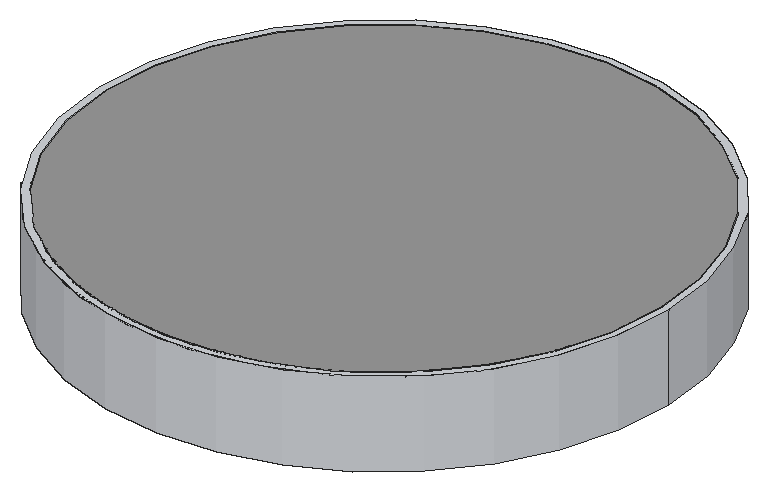
Revit family "2071139", category Lighting Fixtures, host Face, Revit 2018
Family settings
  Host = Face
  Round Connector Dimension = Use Diameter
  Part Type = Normal
  OmniClass Number = 23.80.70.00
  OmniClass Title = Lighting
  Cut with Voids When Loaded = No
  Light Source = Yes
  Shared = No
  Room Calculation Point = No
Parameters (values of type "2071139 COLOSSAL 400 830 PR DIR+H WHT DALI EM")
  iner diameter = 390 mm
  Weight = "n/a"
  Wattage Comments = ""
  Wattage = 30 W
  WarrantyStartDate [instance] = "n/a"
  WarrantyGuarantorParts = "n/a"
  WarrantyDurationUnit = "n/a"
  WarrantyDurationParts = ""
  WarrantyDescription = "http://www.sylvania-lighting.com"
  built-in parameter 1150110 = 1 (stored number, unit not read)
  Voltage = 230 V
  URL = "0.95"
  TypeName = "COLOSSAL 400mm 830 PRISM DIR+HAL WHITE DALI EM"
  Type Image = <None>
  Type Comments = "n/a"
  built-in parameter 1114217 = 1 (stored number, unit not read)
  Tilt Angle = -90.00°
  built-in parameter 1150109 = 1 (stored number, unit not read)
  built-in parameter 1150134 = (empty or 0)
  built-in parameter 1150113 = 1 (stored number, unit not read)
  SerialNumber [instance] = "n/a"
  Photometric Web File = "2071139.ies"
  Material_3_SYL = LED-Sylvania
  PowerFactor = 0
  PowerConsumption = "Lighting"
  NominalLength = 400 mm
  NominalHeight = 93 mm
  NominalDepth = 400 mm
  Name = "COLOSSAL 400mm 830 PRISM DIR+HAL WHITE DALI EM"
  ModelReference = Name  # "COLOSSAL 400mm 830 PRISM DIR+HAL WHITE DALI EM"
  ModelNumber = "2071139"
  Model = Name  # "COLOSSAL 400mm 830 PRISM DIR+HAL WHITE DALI EM"
  Material = "Feilo Sylvania"
  ManufacturerName = "120 lm/W"
  Manufacturer = ""
  LuminousEfficacy = ""
  built-in parameter 1150105 = 270.44 (stored number, unit not read)
  Lumens = 3398.4 lm
  LuminaireType = "0"
  built-in parameter 1150115 = 1 (stored number, unit not read)
  LightOutputRatio = "LED"
  built-in parameter 1150137 = (empty or 0)
  built-in parameter 1150139 = (empty or 0)
  LampsType = Lamp  # "n/a"
  LampNominalLuminous = "3000 K"
  LampMacAdamStep = "80"
  LampColourTemperature = "LED"
  LampColourRenderingIndex = "16500"
  built-in parameter 1150112 = 1 (stored number, unit not read)
  built-in parameter 1150114 = 1 (stored number, unit not read)
  Lamp = "n/a"
  Keynote = "n/a"
  InstallationDate [instance] = "n/a"
  InputVoltage = "0"
  InputNominalFrequency = "3000"
  built-in parameter 1150132 = (empty or 0)
  built-in parameter 1150102 = (empty or 0)
  built-in parameter 1150107 = 3000 (stored number, unit not read)
  built-in parameter 1150138 = (empty or 0)
  IngressProtection = "IfcLightFixtureType"
  ImpactProtectionIndex = "IfcLightFixtureType"
  built-in parameter 1150106 = 2.7044 (stored number, unit not read)
  IfcExportType = "IfcLightFixtureType"
  IfcExportAs = "Class I"
  Emit from Circle Diameter = 385 mm
  Emit Shape Visible in Rendering = no
  ElectricShockClassification = "120"
  built-in parameter 1150104 = 10.524 (stored number, unit not read)
  DocumentationLiterature = "http://www.sylvania-lighting.com/product/en-int/products/2071139"
  DimmingControlOptions = "n/a"
  Material_2_SYL = Polycarbonate_Sylvania_White
  Dimming Lamp Color Temperature Shift = <None>
  Description = "400mm diameter circular architectural luminaire, can be surface mounted or suspended. Powder coated aluminium housing (RAL9016) with PMMA prismatic diffuser. Direct/indirect (halo) light distribution, 1920lm luminuous flux, 16W system power, 120lm/W luminiaire efficacy. DALI dimmable. 3 hours integrated emergency. Colour rendering index Ra >80, 3000K Warm White LED, chromaticity tolerance of 3-step MacAdam ellipse. IP40, IK03. 350mA drive current. UGR≤19. Electrical protection Class1, 220-240V. Reported lifetime 66k hours L90B10."
  Default Elevation = 1219.2 mm
  CreatedOn = "22/03/2022"
  CreatedBy = "@sylvania-lighting.com"
  Cost = 0
  Color Filter = 16777215
  built-in parameter 1114216 [instance] = (empty or 0)
  ClassificationValue = "EF_70_80"
  ClassificationName = "Uniclass2015"
  Material_1_SYL = Polycarbonate_Sylvania_Opal
  BarCode [instance] = "n/a"
  built-in parameter 1114218 = 1 (stored number, unit not read)
  built-in parameter 1150133 = 10 (stored number, unit not read)
  AssetType = "Fixed"
  AssetIdentifier [instance] = "n/a"
  Assembly Code = "D5020200"
  Apparent Load = 16 VA
  Material_4_SYL = none
Reference planes
  plane 1 "Center (Front/Back)": y = 0
  plane 2: z = 0
  plane 3 "Center (Left/Right)": x = 0
  plane 4: x = -200
  plane 5: x = 200
  plane 6: y = 200
  plane 7: y = -200
  plane 8: y = 236
  plane 9: y = -236
  plane 10: z = 93
  plane 11: y = 195
  plane 12: y = -195
  plane 13: y = 90.5
  plane 14: y = 144.5
  plane 15: through (52.25, 90.5, 1219.2) normal (0.866, 0.5, 0)
  plane 16: through (52.25, 90.5, 1219.2) normal (0.866, 0.5, 0)
  plane 17: through (63.706, 126.657, 1219.2) normal (0.866, 0.5, 0)
  plane 18: through (-104.5, 0, 1219.2) normal (-0.866, 0.5, 0)
  plane 19: through (-142.394, -9.633, 1219.2) normal (-0.866, 0.5, 0)
  plane 20: y = -90.5
  plane 21: y = -118.5
  plane 22: through (85.371, -141.133, 1219.2) normal (-0.866, 0.5, 0)
  plane 23: through (52.25, -90.5, 1219.2) normal (-0.866, 0.5, 0)
  plane 24: through (-161.658, 0, 1219.2) normal (0.866, 0.5, 0)
  plane 25: through (-172.12, 9.121, 1219.2) normal (0.866, 0.5, 0)
  plane 26: through (-104.5, 0, 1219.2) normal (0.866, 0.5, 0)
Forms (mm)
  Extrusion 1, solid, detail levels medium+fine
    sketch origin (0, 0, 0) x (1, 0, 0) y (0, 1, 0)
      loop
        circle (0, 0) r 200
    from 33.023 to 93
  Extrusion 2, void
    sketch origin (0, 0, 0) x (1, 0, 0) y (0, 1, 0)
      loop
        circle (0, 0) r 195
    from 93 to 37.292
  Extrusion 3, solid, material "Glass, White, High Luminance", detail levels fine
    sketch origin (0, 0, 0) x (1, 0, 0) y (0, 1, 0)
      loop
        circle (0, 0) r 195
    from 88.026 to 93
  Extrusion 4, solid, detail levels coarse
    sketch origin (0, 0, 0) x (1, 0, 0) y (0, 1, 0)
      loop
        line (-200, 200) -> (-200, -200) -> (200, -200) -> (200, 200) -> (-200, 200)
    from 0 to 93
  Blend 5, solid, detail levels medium+fine
    base sketch origin (0, 0, 0) x (1, 0, 0) y (0, 1, 0)
      loop
        line (-52.25, 90.5) -> (-104.5, 0) -> (-52.25, -90.5) -> (52.25, -90.5) -> (104.5, 0) -> (52.25, 90.5) -> (-52.25, 90.5)
    top sketch origin (0, 0, 0) x (1, 0, 0) y (0, 1, 0)
      loop
        line (-53.405, 144.5) -> (-149.245, -21.5) -> (-93.242, -118.5) -> (98.438, -118.5) -> (151.843, -26) -> (53.405, 144.5) -> (-53.405, 144.5)
    from 0 to 33.023
Cuts and joins
  Extrusion 2 cuts Extrusion 1
Dimensions and locks
  "NominalDepth": plane 6 to plane 7
  "NominalLength": plane 4 to plane 5
  equal spacing: plane 4, plane 3 "Center (Left/Right)", plane 5
  "iner diameter": plane 11 to plane 12
  equal spacing: plane 11, plane 1 "Center (Front/Back)", plane 12
  equal spacing: plane 6, plane 1 "Center (Front/Back)", plane 7
  "NominalHeight": plane 10 to level
  plane 19 to plane 18 = 28 mm
  radius of Extrusion 2 sketch curve = 195 mm
  aligned and locked: plane 2 to host face
  aligned and locked: level to host face
Automatic sketch dimensions
  host sketch curve to host sketch curve = 2438.4 mm  (x2)
  plane 1 "Center (Front/Back)" to Extrusion 1 sketch curve = 0 mm
  Extrusion 1 sketch curve to plane 3 "Center (Left/Right)" = 0 mm
  plane 1 "Center (Front/Back)" to Extrusion 2 sketch curve = 0 mm
  Extrusion 2 sketch curve to plane 3 "Center (Left/Right)" = 0 mm
  plane 1 "Center (Front/Back)" to Extrusion 3 sketch curve = 0 mm
  Extrusion 3 sketch curve to plane 3 "Center (Left/Right)" = 0 mm
  Extrusion 4 sketch curve to plane 4 = 0 mm
  Extrusion 4 sketch curve to plane 5 = 0 mm
  Extrusion 4 sketch curve to plane 7 = 0 mm
  Extrusion 4 sketch curve to plane 6 = 0 mm
  Blend 5 sketch curve to plane 19 = 0 mm  (x2)
  Blend 5 sketch curve to plane 24 = 0 mm  (x2)
  Blend 5 sketch curve to plane 21 = 0 mm
  Blend 5 sketch curve to plane 14 = 0 mm
  Blend 5 sketch curve to plane 17 = 0 mm  (x2)
  Blend 5 sketch curve to plane 22 = 0 mm  (x2)
  radius of Extrusion 1 sketch curve = 200 mm
  radius of Extrusion 3 sketch curve = 195 mm
Connectors
  electrical at (0, 0, 0), driven by "Apparent Load", driven by "PowerFactor", driven by "Voltage"
    settings: index 1, voltage 230 V, apparent load 16 VA, apparent load phase1 0 VA, apparent load phase2 0 VA, apparent load phase3 0 VA, power factor 0, load classification "Lighting", number of poles 1, system type 30, power factor state 1, is connector primary yes, connector utility no, sub classification motor no, connector description ""
